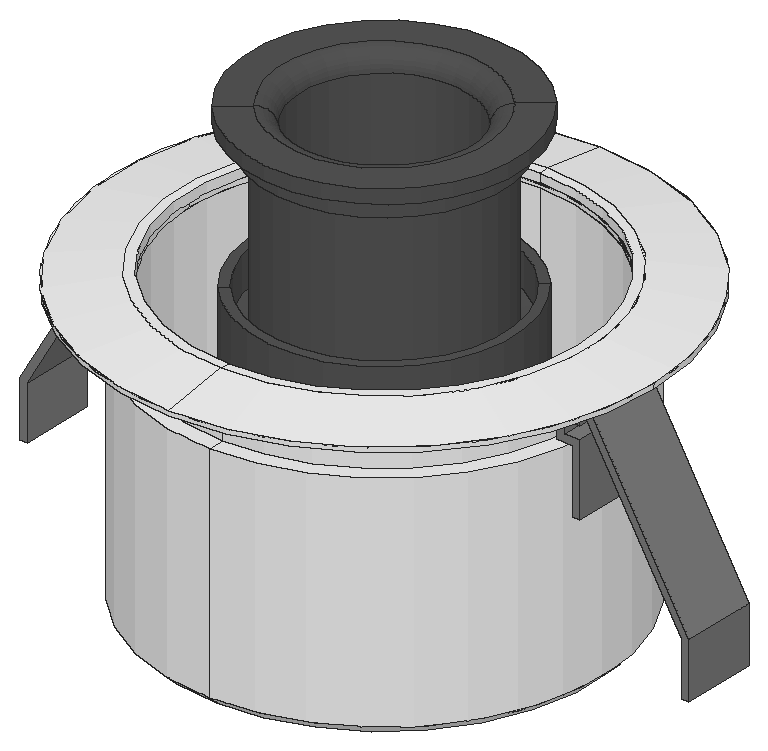
Revit family "Cameo 1.8", category Lighting Fixtures, host Face, Revit 2017
Family settings
  Host = Face
  Round Connector Dimension = Use Diameter
  Part Type = Normal
  Cut with Voids When Loaded = Yes
  Light Source = No
  Shared = No
  Room Calculation Point = Yes
Parameters (values of type "Cameo 1.8 zoom_L 40° (3000K 2.5W 24Vdc)")
  Wiring = "parallel"
  Width mm = 58.00 mm
  Weight kg = "0.07 kg"
  Voltage = 24 V
  Vertical rotation min = -20.00°
  Vertical rotation adjusted [instance] = if(Vertical rotation < Vertical rotation min, Vertical rotation min, if(Vertical rotation > Vertical rotation max, Vertical rotation max, Vertical rotation))  # 0.00°
  Vertical rotation [instance] = 0.00°
  Vertical rotation max = 20.00°
  Vertical Rotation max = 20.00°
  URL Technical sheet = "www.lucelight.it/media/prodotti/st/ST_CAMEO_18.pdf"
  URL Image = "https://www.lucelight.it/media/prodotti/foto/cameo_1.8_still.jpg"
  URL IES Photometric file = "https://www.lucelight.it/media/prodotti/fotometrie/cameo_1.8_ies.zip"
  URL General code = "https://www.lucelight.it/en/prodotto.php/118517#a-generacodice"
  URL Description = "https://www.lucelight.it/en/capitolato.php/118517"
  URL DXF = "https://www.lucelight.it/media/prodotti/dxf/cameo_1.8.dxf\r\nwww.lucelight.it/media/prodotti/dxf/cameo_1.8.dxf"
  URL Catalogue = "-"
  URL Accessories and power supply units = "https://www.lucelight.it/en/prodotto.php/118517#a-scheda-accessori"
  URL = "https://www.lucelight.it/en/prodotto.php/118517"
  Springs = L&L_C 67 annealed steel
  Radius void = 25.00 mm
  Power supply unit = "not included"
  Power supply = "24Vdc"
  Power cables = "includes 1.5 m PVC cable FROR 2x0.35/0.35 Ø3.5 m"
  Power = "2.5W"
  Optics = "40°"
  Notes = "The light beam can be precisely directed thanks to the great adjustability of the optical unit: rotation up to 360° around the vertical axis and 20° along the horizontal axis"
  No. and type of led = "1 power LED, 1/4 ANSI BIN, 50 000h L90 B10 (Ta 25°C)"
  Model = "Cameo 1.8"
  Manufacturer = "L&L Luce&Light"
  Light Source = Light Source : L40°
  Geometry 3 = Cameo1.8_frame : Cameo1.8_frame
  Geometry 2 = Cameo1.8_mod : Cameo 1.7
  Mounting = "recessed (ceilings, and false ceilings and niches in plasterboard)"
  Material = "body and trim in aluminium"
  Lumen output at source = "157 lm (3000K)"
  Lens = L&L_Tempered extra-clear glass
  Length mm = 58.00 mm
  LED Colour = "3000K (also available: 2700K and 4000K - ref. URL Technical sheet)"
  L1 = 10.50 mm
  IP = "40"
  Horizontal rotation [instance] = 50.00°
  Horizontal rotation max = 360.00°
  Horizontal rotation adjusted [instance] = if(Horizontal rotation > Horizontal rotation max, Horizontal rotation max, Horizontal rotation)  # 50.00°
  Height void = 40.00 mm
  Height mm = 53.00 mm
  Geometry 1 = Cameo1.8_fixed : Cameo1.8_fixed
  Frame = L&L_Black anodized
  Features = "-"
  Energy efficiency class = "A A+ A++"
  Description = "Recessed for indoor applications"
  Delivered lumen output = "50 lm (3000K, 40°)"
  Default Elevation = 1219.20 mm
  Cutout dimensions = "diam. 54 mm"
  Control system = "-"
  Contact = "T: +39 0444 360571; E: lucelight@lucelight.it"
  Company = "L&L Luce&Light"
  Code = "CM180010005R1N Black; CM180010005R1E White"
  CRI = "90"
  Body = L&L_White anodized aluminium
  Apparent Load Phase 1 = 2.5 W
Types (2, lengths in mm): name | Optics | Light Source | Height mm
  Cameo 1.8 zoom_L 40° (3000K 2.5W 24Vdc) | "40°" | Light Source : L40° | 53.00
  Cameo 1.8 zoom_S 8° (3000K 2.5W 24Vdc) | "8°" | Light Source : S8° | 54.00
Reference planes
  plane 1 "Center (Front/Back)": y = 0
  plane 2: z = 0
  plane 3 "Center (Left/Right)": x = 0
  plane 4: z = -40
Forms (mm)
  Extrusion 1, void
    sketch origin (0, 0, 0) x (-0.766044, -0.642788, 0) y (-0.642788, 0.766044, 0)
      loop
        circle (0, 0) r 25
    from 0 to 40
Lines and regions (mm)
  reference lines
    curve 1: line (0, 0, 0) -> (-6.749, 8.043, 0)
    curve 2: line (-6.749, 8.043, 0) -> (-6.749, 8.043, 1.5)
Dimensions and locks
  "L1": curve 1 to curve 1
  "Height void": plane 4 to plane 2
  "Radius void": radius of Extrusion 1 sketch curve
  "Horizontal rotation adjusted": angle curve 1 to plane 1 "Center (Front/Back)"
  aligned and locked: plane 2 to host face
  aligned and locked: level to host face
  aligned and locked: Extrusion 1 to plane 4
  aligned and locked: plane 2 to Extrusion 1
Automatic sketch dimensions
  host sketch curve to host sketch curve = 2438.40 mm  (x2)
  curve 2 to curve 1 = 0.00 mm  (x2)
  curve 1 to curve 2 = 1.50 mm
  plane 1 "Center (Front/Back)" to curve 1 = 0.00 mm
  curve 1 to plane 3 "Center (Left/Right)" = 0.00 mm
  Extrusion 1 sketch curve to curve 1 = 0.00 mm  (x2)
Nested families
  nested 1: "Cameo1.8_fixed" at (0, 0, 0), type <- "Geometry 1", type "Cameo1.8_fixed"
  nested 2: "Cameo1.8_mod" at (0, 0, -23.5) x (-0.6428, 0.766, 0) z (0, 0, 1), type <- "Geometry 2", Vertical rotation <- "Vertical rotation adjusted", type "Cameo 1.7"
    with Vertical rotation 0.00°
  nested 3: "Light Source" at (-0.605, 0.68, -7.71) x (0.766, 0.6428, 0) z (0, 0, 1), type <- "Light Source", type "L40°"
Connectors
  electrical at (0, 0, 0), driven by "Voltage", driven by "Apparent Load Phase 1"
    settings: on host face, index 1, voltage 24 V, apparent load 0 VA, apparent load phase1 2.5 VA, apparent load phase2 0 VA, apparent load phase3 0 VA, power factor 1, load classification "Lighting", number of poles 1, system type 31, power factor state 1, is connector primary yes, connector utility no, sub classification motor no, connector description ""
Definition of nested family "Cameo1.8_fixed"
  Parameters (values of type "Cameo1.8_fixed")
    Springs = none
    Body = none
  Reference planes
    plane 1 "Light Source Axis (F/B)": y = 0
    plane 2: z = 0
    plane 3 "Light Source Axis (L/R)": x = 0
    plane 4 "Light Source Elevation": z = 1.5
    plane 5: y = 23.5
    plane 6: y = -23.5
    plane 7: x = -23.5
    plane 8: x = 23.5
    plane 9: z = -36.96
    plane 10: y = -21.893
    plane 11: y = -18.647
    plane 12: y = -17.15
    plane 13: y = -20.9
  Forms (mm)
    Extrusion 1, solid, material <- "Body", detail levels coarse
      sketch origin (0, 0, 0) x (1, 0, 0) y (0, 1, 0)
        loop
          circle (0, 0) r 29
      from -36.96 to 1.5
    Extrusion 2, solid, material <- "Body", detail levels medium
      sketch origin (0, 0, 0) x (1, 0, 0) y (0, 1, 0)
        loop
          circle (0, 0) r 29
        loop
          circle (0, 0) r 21
      from 0 to 1.5
    Revolve 3, solid, material <- "Body", detail levels medium
      sketch origin (0, 0, 0) x (0, 1, 0) y (0, 0, 1)
        loop
          line (-23.5, 0) -> (-23.5, -30.5) -> (0, -30.5) -> (0, -29) -> (-21, -29) -> (-21, 0) -> (-23.5, 0)
        axis (0, 0) -> (0, -30.5)
      angle from 0 to 360
    Revolve 4, solid, material <- "Body", detail levels fine
      sketch origin (0, 0, 0) x (0, 1, 0) y (0, 0, 1)
        loop
          line (-29, 0.5) -> (-21, 0.5) -> (-21, 1.5) -> (-22, 1.5) -> (-29, 0.5)
        axis (0, 1.5) -> (0, 0.5)
      angle from 0 to 360
    Extrusion 5, solid, material <- "Body", detail levels fine
      sketch origin (0, 0, 0) x (1, 0, 0) y (0, 1, 0)
        loop
          circle (0, 0) r 29
        loop
          circle (0, 0) r 21
      from 0 to 0.5
    Revolve 6, solid, material <- "Body", detail levels fine
      sketch origin (0, 0, 0) x (0, 1, 0) y (0, 0, 1)
        loop
          line (-23.5, 0) -> (-23.5, -2.6) -> (-21.75, -2.6) -> (-21.75, -5.6) -> (-23.5, -5.6) -> (-23.5, -29.6) -> (-22.6, -30.5) -> (-16.333, -30.5) -> (-16.333, -29.5)
          arc (-16.333, -29.5) -> (-17.343, -24.901) -> (-17.084, -20.2) r 17.4
          line (-17.084, -20.2) -> (-21, -20.2) -> (-21, 0) -> (-23.5, 0)
        axis (0, 0) -> (0, -30.5)
      angle from 0 to 360
  Dimensions and locks
    plane 9 to plane 4 "Light Source Elevation" = 38.46 mm
    aligned and locked: level to plane 2
    aligned and locked: Extrusion 1 to plane 4 "Light Source Elevation"
    aligned and locked: plane 9 to Extrusion 1
  Nested families
    nested 1: "Springs" at (23.5, 5.4, -12.5) x (0, 1, 0) z (0, 0, -1), type "Springs", detail levels fine
    nested 2: "Springs" at (-23.5, 5.4, -12.5) x (0, 1, 0) z (0, 0, -1), type "Springs", detail levels fine
  Definition of nested family "Springs"
    Parameters (values of type "Springs")
      Springs = none
      Default Elevation = 1219.20 mm
    Reference planes
      plane 1 "Light Source Axis (F/B)": y = 0
      plane 2: z = 0
      plane 3 "Light Source Axis (L/R)": x = 0
      plane 4 "Light Source Elevation": z = 1500
    Forms (mm)
      Extrusion 1, solid, material <- "Springs"
        sketch origin (-1.4, -105.269, -78.274) x (0, 1, 0) y (0, 0, -1)
          loop
            line (103.963, -66.336) -> (92.769, -85.724) -> (92.769, -91.724) -> (93.569, -91.724) -> (93.569, -85.939) -> (104.469, -67.059) -> (104.469, -69.174) -> (106.169, -69.174) -> (106.169, -70.574) -> (104.469, -70.574) -> (104.469, -78.274) -> (105.269, -78.274) -> (105.269, -71.374) -> (106.969, -71.374) -> (106.969, -68.374) -> (105.269, -68.374) -> (105.269, -66.686)
            arc (105.269, -66.686) -> (104.75, -66.01) -> (103.963, -66.336) r 0.7
        from 0 to 8
    Dimensions and locks
      aligned and locked: level to plane 2
Definition of nested family "Cameo1.8_mod"
  Parameters (values of type "Cameo 1.7")
    Vertical rotation [instance] = 10.00°
    Lens = none
    Frame = none
    Default Elevation = 1219.20 mm
  Reference planes
    plane 1 "Light Source Axis (F/B)": y = 0
    plane 2: z = 0
    plane 3 "Light Source Axis (L/R)": x = 0
    plane 4 "Light Source Elevation": z = 0
    plane 5: z = 0
  Lines and regions (mm)
    reference lines
      curve 1: line (0, 0, -6.093) -> (0, 0, 0)
      curve 2: line (0, 0, 0) -> (-135.711, 0, 23.929)
  Dimensions and locks
    "Vertical rotation": angle curve 2 to plane 5
    aligned and locked: level to plane 2
  Automatic sketch dimensions
    curve 2 to level = 0.00 mm
    curve 2 to plane 3 "Light Source Axis (L/R)" = 0.00 mm
    curve 1 to curve 1 = 6.093 mm
  Nested families
    nested 1: "Cameo1.8_movable" at (4.08, 0, 23.139) x (-0.9848, 0, 0.1736) z (0.1736, 0, 0.9848), type "Cameo1.8_movable"
  Definition of nested family "Cameo1.8_movable"
    Parameters (values of type "Cameo1.8_movable")
      Lens = none
      Frame = none
      Default Elevation = 1219.20 mm
    Reference planes
      plane 1 "Light Source Axis (F/B)": y = 0
      plane 2: z = 0
      plane 3 "Light Source Axis (L/R)": x = 0
      plane 4 "Light Source Elevation": z = 1500
      plane 5: y = -17.15
      plane 6: y = -14.5
      plane 7: y = -11.9
      plane 8: y = -8.35
      plane 9: y = -10.95
      plane 10: y = -8.95
      plane 11: z = -22.706
    Forms (mm)
      Revolve 1, solid, material <- "Frame", detail levels fine
        sketch origin (0, 0, 17.082) x (0, 1, 0) y (0, 0, 1)
          loop
            line (-13, -17.238) -> (-14, -17.238) -> (-14, -30.505)
            arc (-14, -30.505) -> (-17.162, -38.844) -> (-15.737, -47.648) r 17.25
            line (-15.737, -47.648) -> (-14.824, -48.238) -> (0, -48.238) -> (0, -45.238) -> (-13, -45.238) -> (-13, -17.238)
          axis (0, -17.238) -> (0, -48.238)
        angle from 0 to 360
      Extrusion 2, solid, material <- "Lens", detail levels fine
        sketch origin (0, 0, 17.294) x (1, 0, 0) y (0, 1, 0)
          loop
            circle (0, 0) r 8
        from -26 to -25
      Revolve 3, solid, material <- "Frame", detail levels medium
        sketch origin (0, 0, 17.294) x (0, 1, 0) y (0, 0, 1)
          loop
            line (-8.95, -0.82) -> (-8.95, 0) -> (-14.5, 0) -> (-14.5, -40) -> (0, -40) -> (0, -0.82) -> (-8.95, -0.82)
          axis (0, 0) -> (0, -40)
        angle from 0 to 360
      Extrusion 4, solid, material <- "Lens", detail levels medium
        sketch origin (0, 0, 22.074) x (1, 0, 0) y (0, 1, 0)
          loop
            circle (0, 0) r 8.95
        from -5.6 to -4.78
      Revolve 5, solid, material <- "Frame", detail levels coarse
        sketch origin (0, 0, 17.294) x (0, 1, 0) y (0, 0, 1)
          loop
            line (0, 0) -> (-14.5, 0) -> (-14.5, -40) -> (0, -40) -> (0, 0)
          axis (0, 0) -> (0, -40)
        angle from 0 to 360
      Revolve 6, solid, material <- "Frame", detail levels fine
        sketch origin (0, 0, 17.294) x (0, 1, 0) y (0, 0, 1)
          loop
            line (-10.95, 0) -> (-14.5, 0) -> (-14.5, -1.5) -> (-12.85, -1.5) -> (-12.85, -3.711)
            arc (-12.85, -3.711) -> (-12.129, -3.525) -> (-11.4, -3.376) r 14.68
            line (-11.4, -3.376) -> (-11.4, -21.32)
            arc (-11.4, -21.32) -> (-12.129, -21.181) -> (-12.85, -21.003) r 13.92
            line (-12.85, -21.003) -> (-12.85, -22.5) -> (-11.4, -22.5) -> (-11.4, -25) -> (-12.85, -25) -> (-12.85, -26) -> (-8, -26) -> (-8, -25) -> (-8.95, -25) -> (-8.95, -1.995)
            arc (-8.95, -1.995) -> (-9.534, -0.588) -> (-10.95, 0) r 2
          axis (0, 0) -> (0, -26)
        angle from 0 to 360
    Dimensions and locks
      aligned and locked: level to plane 2
      aligned and locked: plane 11 to Revolve 5
Definition of nested family "Light Source"
  Parameters (values of type "L40°")
    Wattage = 2.5 W
    built-in parameter 1150110 = 1 (stored number, unit not read)
    built-in parameter 1114217 = 1 (stored number, unit not read)
    Tilt Angle = 0.00°
    built-in parameter 1150109 = 1 (stored number, unit not read)
    built-in parameter 1150134 = (empty or 0)
    built-in parameter 1150113 = 1 (stored number, unit not read)
    Photometric Web File = "CAMEO 1.8 zoom L 40° [3000K 2.5W 24Vdc].IES"
    Lumens = 371.355 lm
    built-in parameter 1150115 = 1 (stored number, unit not read)
    built-in parameter 1150105 = 29.551 (stored number, unit not read)
    built-in parameter 1150137 = (empty or 0)
    built-in parameter 1150139 = (empty or 0)
    built-in parameter 1150112 = 1 (stored number, unit not read)
    built-in parameter 1150114 = 1 (stored number, unit not read)
    built-in parameter 1150132 = 2
    built-in parameter 1150102 = (empty or 0)
    built-in parameter 1150138 = (empty or 0)
    built-in parameter 1150107 = 3000 (stored number, unit not read)
    built-in parameter 1150106 = 0.29551 (stored number, unit not read)
    built-in parameter 1150104 = 13.8 (stored number, unit not read)
    Dimming Lamp Color Temperature Shift = (empty or 0)
    Default Elevation = 1219.20 mm
    Color Filter = 16777215
    built-in parameter 1114218 = 1 (stored number, unit not read)
    built-in parameter 1150133 = 10 (stored number, unit not read)
  Types (2, lengths in mm): name | Photometric Web File
    L40° | "CAMEO 1.8 zoom L 40° [3000K 2.5W 24Vdc].IES"
    S8° | "CAMEO 1.8 zoom S 8° [3000K 2.5W 24Vdc].IES"
  Reference planes
    plane 1 "Light Source Axis (F/B)": y = 0
    plane 2: z = 0
    plane 3 "Light Source Axis (L/R)": x = 0
    plane 4 "Light Source Elevation": z = 0
  Dimensions and locks
    aligned and locked: plane 1 "Light Source Axis (F/B)" to imposter light
    aligned and locked: level to plane 2
